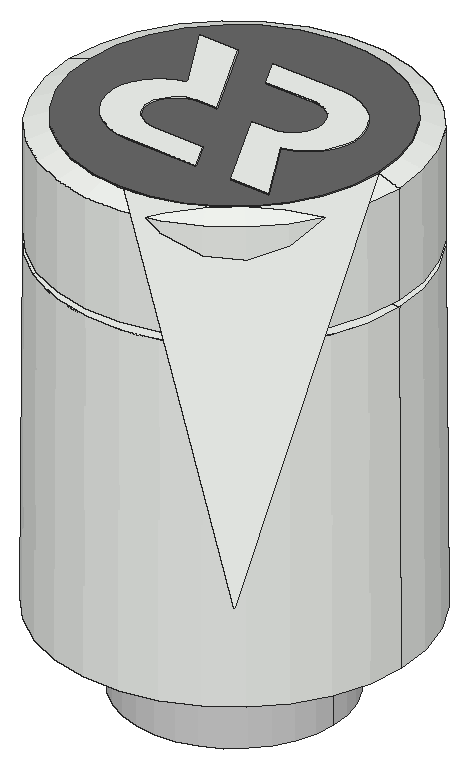
Revit family "РИДАН_SmartHeat электронный радиаторный термостат", category Арматура трубопроводов, Revit 2019
Family settings
  Размер круглого соединителя = Использовать диаметр
  Тип детали = Нормальный
  На основе рабочей плоскости = Нет
  Всегда вертикально = Да
  При загрузке вырезать с полостями = Нет
  Общий = Нет
Parameters
  Контакты_Производитель = "info@ridan.ru"  # constant formula
  ADSK_Наименование = "Ridan SmartHeat электронный радиаторный термостат"  # constant formula
  ADSK_Масса_Текст = ""
  ADSK_Масса = 0
  ADSK_Марка = "SmartHeat"  # constant formula
  ADSK_Количество = 1  # constant formula
  ADSK_Код изделия = "014G2463R"  # constant formula
  ADSK_Завод-изготовитель = "ООО «Ридан-Трейд»"  # constant formula
  ADSK_Единица измерения = "шт."
  ADSK_Версия семейства = "1.0"  # constant formula
  ADSK_Версия Revit = "2019"  # constant formula
Reference planes
  plane 1 "По центру (Вперед/Назад)": y = 0
  plane 2: z = 0
  plane 3 "По центру (Влево/Вправо)": x = 0
Forms (mm)
  Revolve 1, solid, material "Ridan SmartHeat_Белый"
    sketch origin (0, 0, 0) x (1, 0, 0) y (0, 0, 1)
      loop
        line (-0.016, 87.029) -> (-24.675, 87.032) -> (-28.109, 85.797) -> (-28.147, 68.843) -> (-27.083, 68.843) -> (-26.239, 67.71) -> (-28.186, 67.711) -> (-28.562, 12.778) -> (-16.906, 12.179) -> (-13.488, 11.989) -> (-0.016, 11.989) -> (-0.016, 87.029)
      axis (0, 87.032) -> (0, 11.989)
    angle from 0 to 360
  Extrusion 2, solid, material "Ridan SmartHeat_Белый"
    sketch origin (0, 0, 0) x (1, 0, 0) y (0, 1, 0)
      loop
        line (-10.482, 13.935) -> (-17.004, 13.935) -> (-10.378, 3.14)
        arc (-10.378, 3.14) -> (-14.95, 0.379) -> (-16.912, -4.589) r 8.343
        arc (-16.912, -4.589) -> (-13.877, -11.203) -> (-7.144, -13.962) r 9.91
        line (-7.144, -13.962) -> (4.625, -13.962) -> (2.136, -9.365) -> (-6.34, -9.365)
        arc (-6.34, -9.365) -> (-9.576, -7.851) -> (-10.905, -4.536) r 4.865
        arc (-10.905, -4.536) -> (-9.471, -1.394) -> (-6.302, -0.02) r 4.816
        line (-6.302, -0.02) -> (-2.928, -0.02) -> (-10.482, 13.935)
      loop
        line (-4.642, 13.935) -> (-2.13, 9.34) -> (6.36, 9.34)
        arc (6.36, 9.34) -> (9.596, 7.826) -> (10.925, 4.509) r 4.864
        arc (10.925, 4.509) -> (9.49, 1.368) -> (6.321, -0.004) r 4.814
        line (6.321, -0.004) -> (2.978, -0.004) -> (10.608, -13.962) -> (17.022, -13.962) -> (10.395, -3.166)
        arc (10.395, -3.166) -> (14.968, -0.405) -> (16.93, 4.564) r 8.346
        arc (16.93, 4.564) -> (13.896, 11.177) -> (7.163, 13.935) r 9.91
        line (7.163, 13.935) -> (-4.642, 13.935)
    from 85.804 to 87.2
  Extrusion 3, solid, material "Ridan SmartHeat_Пластик"
    sketch origin (0, 0, 0) x (1, 0, 0) y (0, 1, 0)
      loop
        circle (0, 0) r 24.675
    from 85.804 to 87.1
  Extrusion 4, solid, material "Ridan SmartHeat_Сталь нержавеющая"
    sketch origin (0, 0, 0) x (1, 0, 0) y (0, 1, 0)
      loop
        circle (0, 0) r 17
    from 0 to 11.989
Dimensions and locks
  aligned and locked: level to plane 2
